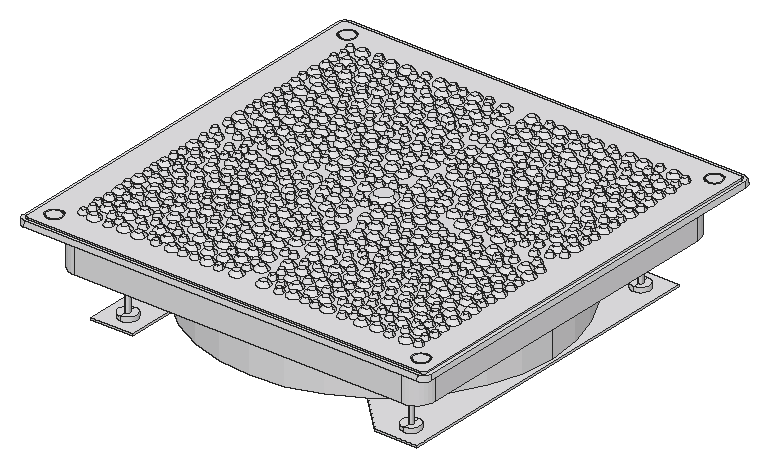
Revit family "Shower-Rainhead-KOHLER-REAL_RAIN-76728GL_1", category Plumbing Fixtures, host Face, Revit 2017 (continued)
Definition of nested family "76728GL"
  Lines and regions (in)
    symbolic lines, detail levels medium+fine
      curve 121: line (0.33722, 0, 4.64961) -> (0.36438, 0, 4.59362)
      curve 122: line (0.25022, 0, 4.64961) -> (0.30929, 0, 4.52784)
      curve 123: line (0.21938, 0, 4.64961) -> (0.14107, 0, 4.48819)
      curve 124: line (0, 0, 4.64818) -> (0.12935, 0, 4.48819)
      curve 125: line (0.17856, 0, 4.65) -> (0.08696, 0, 4.54062)
      curve 126: line (1.36734, 0, 4.64961) -> (1.44565, 0, 4.48819)
      curve 127: line (-8.1347, 0, 4.48819) -> (-7.9992, 0, 4.65)
      curve 128: line (-7.52972, 0, 4.48819) -> (-7.66521, 0, 4.65)
      curve 129: line (-7.65665, 0, 4.48819) -> (-7.73496, 0, 4.64961)
      curve 130: line (-7.9685, 0, 4.65) -> (-8.104, 0, 4.48819)
      curve 131: line (-7.50023, 0, 4.48819) -> (-7.42192, 0, 4.64961)
      curve 132: line (-7.13728, 0, 4.65) -> (-7.06203, 0, 4.49489)
      curve 133: line (-7.17354, 0, 4.48819) -> (-7.25185, 0, 4.64961)
      curve 134: line (-7.4933, 0, 4.65) -> (-7.55636, 0, 4.52001)
      curve 135: line (-7.25185, 0, 4.64961) -> (-7.17354, 0, 4.48819)
      curve 136: line (-7.56951, 0, 4.64961) -> (-7.6045, 0, 4.57749)
      curve 137: line (-7.37605, 0, 4.64961) -> (-7.45436, 0, 4.48819)
      curve 138: line (-7.18117, 0, 4.65) -> (-7.10267, 0, 4.48819)
      curve 139: line (-7.4494, 0, 4.65) -> (-7.55636, 0, 4.52001)
      curve 140: line (-6.98697, 0, 4.64961) -> (-7.06203, 0, 4.49489)
      curve 141: line (-7.13728, 0, 4.65) -> (-7.03594, 0, 4.54867)
      curve 142: line (-6.93549, 0, 4.65) -> (-6.8, 0, 4.48819)
      curve 143: line (-7.25185, 0, 4.64961) -> (-7.38467, 0, 4.48819)
      curve 144: line (-6.86112, 0, 4.64961) -> (-6.88828, 0, 4.59362)
      curve 145: line (-6.77413, 0, 4.64961) -> (-6.8332, 0, 4.52784)
      curve 146: line (-6.74328, 0, 4.64961) -> (-6.66497, 0, 4.48819)
      curve 147: line (-6.52244, 0, 4.65) -> (-6.65325, 0, 4.48819)
      curve 148: line (-6.43424, 0, 4.65) -> (-6.56506, 0, 4.48819)
      curve 149: line (-6.40956, 0, 4.64961) -> (-6.33703, 0, 4.5001)
      curve 150: line (-6.3012, 0, 4.64961) -> (-6.22289, 0, 4.48819)
      curve 151: line (-6.70246, 0, 4.65) -> (-6.61087, 0, 4.54062)
      curve 152: line (-6.20729, 0, 4.64961) -> (-6.07212, 0, 4.48819)
      curve 153: line (-6.20729, 0, 4.64961) -> (-6.25425, 0, 4.55282)
      curve 154: line (-6.32042, 0, 4.64961) -> (-6.36499, 0, 4.55774)
      curve 155: line (-6.08334, 0, 4.64961) -> (-6.01037, 0, 4.49919)
      curve 156: line (-5.95426, 0, 4.64961) -> (-6.0188, 0, 4.51657)
      curve 157: line (-5.91267, 0, 4.64961) -> (-5.99098, 0, 4.48819)
      curve 158: line (-5.74351, 0, 4.65) -> (-5.66501, 0, 4.48819)
      curve 159: line (-5.7778, 0, 4.64961) -> (-5.85611, 0, 4.48819)
      curve 160: line (-5.84758, 0, 4.64961) -> (-5.81269, 0, 4.57769)
      curve 161: line (-5.71718, 0, 4.64961) -> (-5.63887, 0, 4.48819)
      curve 162: line (-5.67559, 0, 4.64961) -> (-5.59728, 0, 4.48819)
      curve 163: line (-5.53092, 0, 4.64961) -> (-5.60325, 0, 4.5005)
      curve 164: line (-5.49442, 0, 4.65) -> (-5.35926, 0, 4.48819)
      curve 165: line (-5.22376, 0, 4.65) -> (-5.35926, 0, 4.48819)
      curve 166: line (-5.2024, 0, 4.64961) -> (-5.12409, 0, 4.48819)
      curve 167: line (-4.98241, 0, 4.65) -> (-5.11791, 0, 4.48819)
      curve 168: line (-4.98241, 0, 4.65) -> (-4.90391, 0, 4.48819)
      curve 169: line (-5.33493, 0, 4.64961) -> (-5.29427, 0, 4.5658)
      curve 170: line (-7.89125, 0, 4.64961) -> (-7.96956, 0, 4.48819)
      curve 171: line (-4.8989, 0, 4.48819) -> (-4.7634, 0, 4.65)
      curve 172: line (-4.29392, 0, 4.48819) -> (-4.42941, 0, 4.65)
      curve 173: line (-4.42085, 0, 4.48819) -> (-4.49916, 0, 4.64961)
      curve 174: line (-4.7327, 0, 4.65) -> (-4.8682, 0, 4.48819)
      curve 175: line (-4.26443, 0, 4.48819) -> (-4.18612, 0, 4.64961)
      curve 176: line (-3.90148, 0, 4.65) -> (-3.82623, 0, 4.49489)
      curve 177: line (-3.93774, 0, 4.48819) -> (-4.01605, 0, 4.64961)
      curve 178: line (-4.2575, 0, 4.65) -> (-4.32056, 0, 4.52001)
      curve 179: line (-4.01605, 0, 4.64961) -> (-3.93774, 0, 4.48819)
      curve 180: line (-4.33371, 0, 4.64961) -> (-4.3687, 0, 4.57749)
      curve 181: line (-4.14025, 0, 4.64961) -> (-4.21856, 0, 4.48819)
      curve 182: line (-3.94537, 0, 4.65) -> (-3.86687, 0, 4.48819)
      curve 183: line (-4.2136, 0, 4.65) -> (-4.32056, 0, 4.52001)
      curve 184: line (-3.75117, 0, 4.64961) -> (-3.82623, 0, 4.49489)
      curve 185: line (-3.90148, 0, 4.65) -> (-3.80014, 0, 4.54867)
      curve 186: line (-3.69969, 0, 4.65) -> (-3.5642, 0, 4.48819)
      curve 187: line (-4.01605, 0, 4.64961) -> (-4.14887, 0, 4.48819)
      curve 188: line (-3.62532, 0, 4.64961) -> (-3.65248, 0, 4.59362)
      curve 189: line (-3.53833, 0, 4.64961) -> (-3.5974, 0, 4.52784)
      curve 190: line (-3.50748, 0, 4.64961) -> (-3.42917, 0, 4.48819)
      curve 191: line (-3.28664, 0, 4.65) -> (-3.41745, 0, 4.48819)
      curve 192: line (-3.19844, 0, 4.65) -> (-3.32926, 0, 4.48819)
      curve 193: line (-3.17376, 0, 4.64961) -> (-3.09545, 0, 4.48819)
      curve 194: line (-3.0654, 0, 4.64961) -> (-2.98709, 0, 4.48819)
      curve 195: line (-3.46666, 0, 4.65) -> (-3.37507, 0, 4.54062)
      curve 196: line (-2.97149, 0, 4.64961) -> (-2.83632, 0, 4.48819)
      curve 197: line (-2.97149, 0, 4.64961) -> (-3.01845, 0, 4.55282)
      curve 198: line (-3.08462, 0, 4.64961) -> (-3.12919, 0, 4.55774)
      curve 199: line (-2.84754, 0, 4.64961) -> (-2.76923, 0, 4.48819)
      curve 200: line (-2.71846, 0, 4.64961) -> (-2.783, 0, 4.51657)
      curve 201: line (-2.67687, 0, 4.64961) -> (-2.75518, 0, 4.48819)
      curve 202: line (-2.50771, 0, 4.65) -> (-2.42921, 0, 4.48819)
      curve 203: line (-2.542, 0, 4.64961) -> (-2.62031, 0, 4.48819)
      curve 204: line (-2.61178, 0, 4.64961) -> (-2.57689, 0, 4.57769)
      curve 205: line (-2.48138, 0, 4.64961) -> (-2.40307, 0, 4.48819)
      curve 206: line (-2.43979, 0, 4.64961) -> (-2.36148, 0, 4.48819)
      curve 207: line (-2.29512, 0, 4.64961) -> (-2.36745, 0, 4.5005)
      curve 208: line (-2.25862, 0, 4.65) -> (-2.12346, 0, 4.48819)
      curve 209: line (-1.98796, 0, 4.65) -> (-2.12346, 0, 4.48819)
      curve 210: line (-1.9666, 0, 4.64961) -> (-1.88829, 0, 4.48819)
      curve 211: line (-1.74661, 0, 4.65) -> (-1.88211, 0, 4.48819)
      curve 212: line (-1.74661, 0, 4.65) -> (-1.66811, 0, 4.48819)
      curve 213: line (-2.09913, 0, 4.64961) -> (-2.05847, 0, 4.5658)
      curve 214: line (-4.65545, 0, 4.64961) -> (-4.73376, 0, 4.48819)
      curve 215: line (-1.61079, 0, 4.48819) -> (-1.4753, 0, 4.65)
      curve 216: line (-1.00581, 0, 4.48819) -> (-1.14131, 0, 4.65)
      curve 217: line (-1.13275, 0, 4.48819) -> (-1.21106, 0, 4.64961)
      curve 218: line (-1.4446, 0, 4.65) -> (-1.58009, 0, 4.48819)
      curve 219: line (-0.97633, 0, 4.48819) -> (-0.89802, 0, 4.64961)
      curve 220: line (-0.61337, 0, 4.65) -> (-0.53812, 0, 4.49489)
      curve 221: line (-0.64963, 0, 4.48819) -> (-0.72794, 0, 4.64961)
      curve 222: line (-0.96939, 0, 4.65) -> (-1.03246, 0, 4.52001)
      curve 223: line (-0.72794, 0, 4.64961) -> (-0.64963, 0, 4.48819)
      curve 224: line (-1.04561, 0, 4.64961) -> (-1.08059, 0, 4.57749)
      curve 225: line (-0.85215, 0, 4.64961) -> (-0.93046, 0, 4.48819)
      curve 226: line (-0.65726, 0, 4.65) -> (-0.57876, 0, 4.48819)
      curve 227: line (-0.9255, 0, 4.65) -> (-1.03246, 0, 4.52001)
      curve 228: line (-0.46307, 0, 4.64961) -> (-0.53812, 0, 4.49489)
      curve 229: line (-0.61337, 0, 4.65) -> (-0.51204, 0, 4.54867)
      curve 230: line (-0.41159, 0, 4.65) -> (-0.27609, 0, 4.48819)
      curve 231: line (-0.72794, 0, 4.64961) -> (-0.86076, 0, 4.48819)
      curve 232: line (-0.33722, 0, 4.64961) -> (-0.36438, 0, 4.59362)
      curve 233: line (-0.25022, 0, 4.64961) -> (-0.30929, 0, 4.52784)
      curve 234: line (-0.21938, 0, 4.64961) -> (-0.14107, 0, 4.48819)
      curve 235: line (0, 0, 4.64818) -> (-0.12935, 0, 4.48819)
      curve 236: line (-0.17856, 0, 4.65) -> (-0.08696, 0, 4.54062)
      curve 237: line (-1.36734, 0, 4.64961) -> (-1.44565, 0, 4.48819)
      curve 238: line (6.73422, 0, 1.48265) -> (6.54137, 0, 1.48265)
      curve 239: line (-7.87402, 0, 0.57811) -> (-6.73422, 0, 0.57811)
      curve 240: line (7.87402, 0, 0.57811) -> (6.73422, 0, 0.57811)
      curve 241: line (6.54137, 0, 0.57811) -> (-6.54137, 0, 0.57811)
      curve 242: line (-8.5515, 0, 2.38911) -> (8.5515, 0, 2.38911)
      curve 243: line (-9.58328, 0, 4.24674) -> (9.58328, 0, 4.24674)
      curve 244: line (0, 8.5515, 4.195) -> (0, -8.5515, 4.195)
      curve 245: line (0, -9.37099, 4.43) -> (0, 9.37099, 4.43)
      curve 246: line (0, 8.1347, 4.48819) -> (0, -8.1347, 4.48819)
      curve 247: line (0, -7.88189, 2.271) -> (0, 7.88189, 2.271)
      curve 248: line (0, -8.5515, 2.38911) -> (0, 8.5515, 2.38911)
      curve 249: line (0, 9.58402, 4.24146) -> (0, -9.58402, 4.24146)
      curve 250: line (0, -6.62401, 0.46) -> (0, -6.62401, 1.48521)
      curve 251: line (0, -6.81685, 0.46) -> (0, -6.81685, 1.48521)
      curve 252: line (0, -7.87402, 0.57811) -> (0, -6.81685, 0.57811)
      curve 253: line (0, -6.62401, 0.57811) -> (0, 6.62401, 0.57811)
      curve 254: line (0, -7.13873, 0.08695) -> (0, -6.30212, 0.08695)
      curve 255: line (0, 6.81685, 1.48521) -> (0, 7.64567, 1.48521)
      curve 256: arc (0, 7.87402, 1.66095) -> (0, 7.78974, 1.53423) -> (0, 7.64567, 1.48521) r 0.23622
      curve 257: line (0, 6.62401, 1.48521) -> (0, 5.79518, 1.48521)
      curve 258: line (0, 6.62401, 0.46) -> (0, 6.62401, 1.48521)
      curve 259: line (0, 6.81685, 0.46) -> (0, 6.81685, 1.48521)
      curve 260: line (0, 7.87402, 0.57811) -> (0, 6.81685, 0.57811)
      curve 261: line (0, 7.13873, 0.08695) -> (0, 6.30212, 0.08695)
      curve 262: line (0, 6.81685, 1.48521) -> (0, 6.62401, 1.48521)
      curve 263: line (0, -6.62401, 1.48521) -> (0, -6.81685, 1.48521)
      curve 264: line (0, 5.55896, 2.271) -> (0, 5.55896, 1.72143)
      curve 265: arc (0, 5.55896, 1.72143) -> (0, 5.62815, 1.5544) -> (0, 5.79518, 1.48521) r 0.23622
      curve 266: line (0, -6.81685, 1.48521) -> (0, -7.64567, 1.48521)
      curve 267: arc (0, -7.87402, 1.66095) -> (0, -7.78974, 1.53423) -> (0, -7.64567, 1.48521) r 0.23622
      curve 268: line (0, -6.62401, 1.48521) -> (0, -5.79518, 1.48521)
      curve 269: line (0, -5.55896, 2.271) -> (0, -5.55896, 1.72143)
      curve 270: arc (0, -5.55896, 1.72143) -> (0, -5.62815, 1.5544) -> (0, -5.79518, 1.48521) r 0.23622
      curve 271: line (5.36592, 0, 2.271) -> (5.36592, 0, 1.71887)
      curve 272: arc (5.60214, 0, 1.48265) -> (5.43511, 0, 1.55184) -> (5.36592, 0, 1.71887) r 0.23622
      curve 273: line (5.36592, 0, 1.71887) -> (7.90967, 0, 1.71887)
      curve 274: line (-6.73422, 0, 1.48265) -> (-7.67345, 0, 1.48265)
      curve 275: arc (-7.67345, 0, 1.48265) -> (-7.78817, 0, 1.51238) -> (-7.87402, 0, 1.59407) r 0.23622
      curve 276: line (-6.54137, 0, 1.48265) -> (-5.60214, 0, 1.48265)
      curve 277: line (-6.73422, 0, 1.48265) -> (-6.54137, 0, 1.48265)
      curve 278: line (-5.36592, 0, 2.271) -> (-5.36592, 0, 1.71887)
      curve 279: arc (-5.60214, 0, 1.48265) -> (-5.43511, 0, 1.55184) -> (-5.36592, 0, 1.71887) r 0.23622
      curve 280: line (-5.36592, 0, 1.71887) -> (-7.90967, 0, 1.71887)
      curve 281: line (7.96956, 0, 4.48819) -> (7.89106, 0, 4.65)
      curve 282: line (8.1347, 8.1347, 4.48819) -> (7.9992, 8.1347, 4.65)
      curve 283: line (7.52972, 8.1347, 4.48819) -> (7.66521, 8.1347, 4.65)
      curve 284: line (7.65665, 8.1347, 4.48819) -> (7.73515, 8.1347, 4.65)
      curve 285: line (7.9685, 8.1347, 4.65) -> (8.104, 8.1347, 4.48819)
      curve 286: line (7.50023, 8.1347, 4.48819) -> (7.42173, 8.1347, 4.65)
      curve 287: line (7.13728, 8.1347, 4.65) -> (7.05878, 8.1347, 4.48819)
      curve 288: line (7.17354, 8.1347, 4.48819) -> (7.25185, 8.1347, 4.64961)
      curve 289: line (7.4933, 8.1347, 4.65) -> (7.55636, 8.1347, 4.52001)
      curve 290: line (7.25185, 8.1347, 4.64961) -> (7.17354, 8.1347, 4.48819)
      curve 291: line (7.56932, 8.1347, 4.65) -> (7.6045, 8.1347, 4.57749)
      curve 292: line (7.37586, 8.1347, 4.65) -> (7.45436, 8.1347, 4.48819)
      curve 293: line (7.18117, 8.1347, 4.65) -> (7.10267, 8.1347, 4.48819)
      curve 294: line (7.4494, 8.1347, 4.65) -> (7.55636, 8.1347, 4.52001)
      curve 295: line (6.98678, 8.1347, 4.65) -> (7.06203, 8.1347, 4.49489)
      curve 296: line (7.13728, 8.1347, 4.65) -> (7.03594, 8.1347, 4.54867)
      curve 297: line (6.93549, 8.1347, 4.65) -> (6.8, 8.1347, 4.48819)
      curve 298: line (7.25185, 8.1347, 4.64961) -> (7.38467, 8.1347, 4.48819)
      curve 299: line (6.86093, 8.1347, 4.65) -> (6.88828, 8.1347, 4.59362)
      curve 300: line (6.77393, 8.1347, 4.65) -> (6.8332, 8.1347, 4.52784)
      curve 301: line (6.74347, 8.1347, 4.65) -> (6.66497, 8.1347, 4.48819)
      curve 302: line (6.52244, 8.1347, 4.65) -> (6.65325, 8.1347, 4.48819)
      curve 303: line (6.43424, 8.1347, 4.65) -> (6.56506, 8.1347, 4.48819)
      curve 304: line (6.40975, 8.1347, 4.65) -> (6.33125, 8.1347, 4.48819)
      curve 305: line (6.30139, 8.1347, 4.65) -> (6.22289, 8.1347, 4.48819)
      curve 306: line (6.70246, 8.1347, 4.65) -> (6.61087, 8.1347, 4.54062)
      curve 307: line (6.20729, 8.1347, 4.64961) -> (6.07212, 8.1347, 4.48819)
      curve 308: line (6.20729, 8.1347, 4.64961) -> (6.25425, 8.1347, 4.55282)
      curve 309: line (6.32023, 8.1347, 4.65) -> (6.36499, 8.1347, 4.55774)
      curve 310: line (6.08353, 8.1347, 4.65) -> (6.00503, 8.1347, 4.48819)
      curve 311: line (5.95407, 8.1347, 4.65) -> (6.0188, 8.1347, 4.51657)
      curve 312: line (5.91248, 8.1347, 4.65) -> (5.99098, 8.1347, 4.48819)
      curve 313: line (5.74351, 8.1347, 4.65) -> (5.66501, 8.1347, 4.48819)
      curve 314: line (5.77761, 8.1347, 4.65) -> (5.85611, 8.1347, 4.48819)
      curve 315: line (5.84777, 8.1347, 4.65) -> (5.81269, 8.1347, 4.57769)
      curve 316: line (5.71718, 8.1347, 4.64961) -> (5.63887, 8.1347, 4.48819)
      curve 317: line (5.67578, 8.1347, 4.65) -> (5.59728, 8.1347, 4.48819)
      curve 318: line (7.89125, 8.1347, 4.64961) -> (7.96956, 8.1347, 4.48819)
      curve 319: line (7.96956, 8.1347, 4.48819) -> (7.89106, 8.1347, 4.65)
      curve 320: line (0, 7.92035, 4.64961) -> (0, 7.99562, 4.48819)
      curve 321: line (0, 7.68327, 4.64961) -> (0, 7.608, 4.48819)
      curve 322: line (0, 7.67051, 4.62223) -> (0, 7.55803, 4.48819)
      curve 323: line (0, 7.53567, 4.48819) -> (0, 7.4604, 4.64961)
      curve 324: line (0, 7.22347, 4.64961) -> (0, 7.1482, 4.48819)
      curve 325: line (0, 7.09523, 4.48819) -> (0, 7.01977, 4.65)
      curve 326: line (0, 6.78868, 4.65) -> (0, 6.71322, 4.48819)
      curve 327: line (0, 6.63692, 4.48819) -> (0, 6.56165, 4.64961)
      curve 328: line (0, 6.44665, 4.65) -> (0, 6.55995, 4.48819)
      curve 329: line (0, 6.21043, 4.65) -> (0, 6.07466, 4.48819)
      curve 330: line (0, 6.0512, 4.64961) -> (0, 6.10796, 4.52788)
      curve 331: line (0, 5.85772, 4.65) -> (0, 6.01953, 4.48819)
      curve 332: line (0, 5.44606, 4.48819) -> (0, 5.58184, 4.65)
      curve 333: line (0, 5.51395, 4.56909) -> (0, 5.43344, 4.64961)
      curve 334: line (0, 5.26479, 4.65) -> (0, 5.34024, 4.48819)
      curve 335: line (0, 5.01834, 4.64961) -> (0, 4.91779, 4.48819)
      curve 336: line (0, 4.86659, 4.48819) -> (0, 4.70478, 4.65)
      curve 337: line (0, 4.45001, 4.65) -> (0, 4.2882, 4.48819)
      curve 338: line (0, 4.24741, 4.48819) -> (0, 4.17214, 4.64961)
      curve 339: line (0, 3.91774, 4.65) -> (0, 3.82597, 4.48819)
      curve 340: line (0, 3.80507, 4.48819) -> (0, 3.7298, 4.64961)
      curve 341: line (0, 3.48832, 4.64961) -> (0, 3.39678, 4.48819)
      curve 342: line (0, 3.35566, 4.48819) -> (0, 3.19385, 4.65)
      curve 343: line (0, 2.90555, 4.65) -> (0, 2.74373, 4.48819)
      curve 344: line (0, 2.71429, 4.64961) -> (0, 2.77498, 4.51944)
      curve 345: line (0, 2.56732, 4.64961) -> (0, 2.64259, 4.48819)
      curve 346: line (0, 2.26187, 4.48819) -> (0, 2.33024, 4.64961)
      curve 347: line (0, 2.1805, 4.48819) -> (0, 2.10504, 4.65)
      curve 348: line (0, 1.77126, 4.48819) -> (0, 1.8628, 4.64961)
      curve 349: line (0, 1.63864, 4.48819) -> (0, 1.47683, 4.65)
      curve 350: line (0, 1.07708, 4.48819) -> (0, 1.23889, 4.65)
      curve 351: line (0, 1.06449, 4.65) -> (0, 1.11995, 4.53107)
      curve 352: line (0, 0.91969, 4.48819) -> (0, 0.84442, 4.64961)
      curve 353: line (0, 0.59072, 4.64961) -> (0, 0.49918, 4.48819)
      curve 354: line (0, 0.47951, 4.64961) -> (0, 0.52969, 4.54199)
      curve 355: line (0, 0.24243, 4.64961) -> (0, 0.17406, 4.48819)
      curve 356: line (0, 0.18408, 4.51185) -> (0, 0.11966, 4.65)
      curve 357: line (0, -7.92035, 4.64961) -> (0, -7.99562, 4.48819)
      curve 358: line (0, -7.68327, 4.64961) -> (0, -7.608, 4.48819)
      curve 359: line (0, -7.67051, 4.62223) -> (0, -7.55803, 4.48819)
      curve 360: line (0, -7.53567, 4.48819) -> (0, -7.4604, 4.64961)
      curve 361: line (0, -7.22347, 4.64961) -> (0, -7.1482, 4.48819)
      curve 362: line (0, -7.09523, 4.48819) -> (0, -7.01977, 4.65)
      curve 363: line (0, -6.78868, 4.65) -> (0, -6.71322, 4.48819)
      curve 364: line (0, -6.63692, 4.48819) -> (0, -6.56165, 4.64961)
      curve 365: line (0, -6.44665, 4.65) -> (0, -6.55995, 4.48819)
      curve 366: line (0, -6.21043, 4.65) -> (0, -6.07466, 4.48819)
      curve 367: line (0, -6.0512, 4.64961) -> (0, -6.10796, 4.52788)
      curve 368: line (0, -5.85772, 4.65) -> (0, -6.01953, 4.48819)
      curve 369: line (0, -5.44606, 4.48819) -> (0, -5.58184, 4.65)
      curve 370: line (0, -5.51395, 4.56909) -> (0, -5.43344, 4.64961)
      curve 371: line (0, -5.26479, 4.65) -> (0, -5.34024, 4.48819)
      curve 372: line (0, -5.01834, 4.64961) -> (0, -4.91779, 4.48819)
      curve 373: line (0, -4.86659, 4.48819) -> (0, -4.70478, 4.65)
      curve 374: line (0, -4.45001, 4.65) -> (0, -4.2882, 4.48819)
      curve 375: line (0, -4.24741, 4.48819) -> (0, -4.17214, 4.64961)
      curve 376: line (0, -3.91774, 4.65) -> (0, -3.82597, 4.48819)
      curve 377: line (0, -3.80507, 4.48819) -> (0, -3.7298, 4.64961)
      curve 378: line (0, -3.48832, 4.64961) -> (0, -3.39678, 4.48819)
      curve 379: line (0, -3.35566, 4.48819) -> (0, -3.19385, 4.65)
      curve 380: line (0, -2.90555, 4.65) -> (0, -2.74373, 4.48819)
      curve 381: line (0, -2.71429, 4.64961) -> (0, -2.77498, 4.51944)
      curve 382: line (0, -2.56732, 4.64961) -> (0, -2.64259, 4.48819)
      curve 383: line (0, -2.26187, 4.48819) -> (0, -2.33024, 4.64961)
      curve 384: line (0, -2.1805, 4.48819) -> (0, -2.10504, 4.65)
      curve 385: line (0, -1.77126, 4.48819) -> (0, -1.8628, 4.64961)
      curve 386: line (0, -1.63864, 4.48819) -> (0, -1.47683, 4.65)
      curve 387: line (0, -1.07708, 4.48819) -> (0, -1.23889, 4.65)
      curve 388: line (0, -1.06449, 4.65) -> (0, -1.11995, 4.53107)
      curve 389: line (0, -0.91969, 4.48819) -> (0, -0.84442, 4.64961)
      curve 390: line (0, -0.59072, 4.64961) -> (0, -0.49918, 4.48819)
      curve 391: line (0, -0.47951, 4.64961) -> (0, -0.52969, 4.54199)
      curve 392: line (0, -0.24243, 4.64961) -> (0, -0.17406, 4.48819)
      curve 393: line (0, -0.18408, 4.51185) -> (0, -0.11966, 4.65)
      curve 394: arc (-7.97233, 7.80181, 0) -> (-7.85379, 7.68327, 0) -> (-7.73525, 7.80181, 0) r 0.11854
      curve 395: arc (-7.73525, 7.80181, 0) -> (-7.85379, 7.92035, 0) -> (-7.97233, 7.80181, 0) r 0.11854
      curve 396: arc (-8.05064, 7.80181, 0) -> (-7.85379, 7.99866, 0) -> (-7.65694, 7.80181, 0) r 0.19685
      curve 397: arc (-7.65694, 7.80181, 0) -> (-7.85379, 7.60496, 0) -> (-8.05064, 7.80181, 0) r 0.19685
      curve 398: arc (-7.57586, 7.34201, 0) -> (-7.77271, 7.14516, 0) -> (-7.96956, 7.34201, 0) r 0.19685
      curve 399: arc (-7.89125, 7.34201, 0) -> (-7.77271, 7.22347, 0) -> (-7.65417, 7.34201, 0) r 0.11854
      curve 400: arc (-7.65417, 7.34201, 0) -> (-7.77271, 7.46055, 0) -> (-7.89125, 7.34201, 0) r 0.11854
      curve 401: arc (-7.18117, 7.0114, 0) -> (-7.33724, 7.16746, 0) -> (-7.4933, 7.0114, 0) r 0.15606
      curve 402: arc (-7.6288, 7.0114, 0) -> (-7.33724, 7.30296, 0) -> (-7.04568, 7.0114, 0) r 0.29156
      curve 403: arc (-7.7732, 6.89778, 0) -> (-7.89174, 7.01632, 0) -> (-8.01028, 6.89778, 0) r 0.11854
      curve 404: arc (-8.01028, 6.89778, 0) -> (-7.89174, 6.77924, 0) -> (-7.7732, 6.89778, 0) r 0.11854
      curve 405: arc (-7.69489, 6.89778, 0) -> (-7.89174, 6.70093, 0) -> (-8.08859, 6.89778, 0) r 0.19685
      curve 406: arc (-8.08859, 6.89778, 0) -> (-7.89174, 7.09463, 0) -> (-7.69489, 6.89778, 0) r 0.19685
      curve 407: arc (-7.96956, 7.34201, 0) -> (-7.77271, 7.53886, 0) -> (-7.57586, 7.34201, 0) r 0.19685
      curve 408: arc (-7.06528, 7.33037, 0) -> (-6.86843, 7.52722, 0) -> (-6.67158, 7.33037, 0) r 0.19685
      curve 409: arc (-6.74989, 7.33037, 0) -> (-6.86843, 7.44891, 0) -> (-6.98697, 7.33037, 0) r 0.11854
      curve 410: arc (-6.98697, 7.33037, 0) -> (-6.86843, 7.21183, 0) -> (-6.74989, 7.33037, 0) r 0.11854
      curve 411: arc (-6.67158, 7.33037, 0) -> (-6.86843, 7.13352, 0) -> (-7.06528, 7.33037, 0) r 0.19685
      curve 412: arc (-7.4933, 7.0114, 0) -> (-7.33724, 6.85533, 0) -> (-7.18117, 7.0114, 0) r 0.15606
      curve 413: arc (-7.04568, 7.0114, 0) -> (-7.33724, 6.71984, 0) -> (-7.6288, 7.0114, 0) r 0.29156
      curve 414: arc (-7.67856, 6.32854, 0) -> (-7.79667, 6.44665, 0) -> (-7.91478, 6.32854, 0) r 0.11811
      curve 415: arc (-7.91478, 6.32854, 0) -> (-7.79667, 6.21043, 0) -> (-7.67856, 6.32854, 0) r 0.11811
      curve 416: arc (-8.03289, 6.32854, 0) -> (-7.79667, 6.56476, 0) -> (-7.56045, 6.32854, 0) r 0.23622
      curve 417: arc (-7.56045, 6.32854, 0) -> (-7.79667, 6.09232, 0) -> (-8.03289, 6.32854, 0) r 0.23622
      curve 418: arc (-7.13487, 6.43069, 0) -> (-7.25341, 6.54923, 0) -> (-7.37195, 6.43069, 0) r 0.11854
      curve 419: arc (-7.37195, 6.43069, 0) -> (-7.25341, 6.31215, 0) -> (-7.13487, 6.43069, 0) r 0.11854
      curve 420: arc (-7.05656, 6.43069, 0) -> (-7.25341, 6.23384, 0) -> (-7.45026, 6.43069, 0) r 0.19685
      curve 421: arc (-7.45026, 6.43069, 0) -> (-7.25341, 6.62754, 0) -> (-7.05656, 6.43069, 0) r 0.19685
      curve 422: arc (-7.00745, 6.71547, 0) -> (-6.88891, 6.59693, 0) -> (-6.77037, 6.71547, 0) r 0.11854
      curve 423: arc (-6.77037, 6.71547, 0) -> (-6.88891, 6.83401, 0) -> (-7.00745, 6.71547, 0) r 0.11854
      curve 424: arc (-7.08576, 6.71547, 0) -> (-6.88891, 6.91232, 0) -> (-6.69206, 6.71547, 0) r 0.19685
      curve 425: arc (-6.69206, 6.71547, 0) -> (-6.88891, 6.51862, 0) -> (-7.08576, 6.71547, 0) r 0.19685
      curve 426: arc (-6.5401, 6.94474, 0) -> (-6.38403, 6.78868, 0) -> (-6.22797, 6.94474, 0) r 0.15606
      curve 427: arc (-6.22797, 6.94474, 0) -> (-6.38403, 7.10081, 0) -> (-6.5401, 6.94474, 0) r 0.15606
      curve 428: arc (-6.67559, 6.94474, 0) -> (-6.38403, 7.2363, 0) -> (-6.09247, 6.94474, 0) r 0.29156
      curve 429: arc (-6.09247, 6.94474, 0) -> (-6.38403, 6.65318, 0) -> (-6.67559, 6.94474, 0) r 0.29156
      curve 430: arc (-7.4644, 7.84791, 0) -> (-7.30834, 7.69185, 0) -> (-7.15228, 7.84791, 0) r 0.15606
      curve 431: arc (-7.01678, 7.84791, 0) -> (-7.30834, 7.55635, 0) -> (-7.5999, 7.84791, 0) r 0.29156
      curve 432: arc (-6.25934, 7.49929, 0) -> (-6.37788, 7.61783, 0) -> (-6.49642, 7.49929, 0) r 0.11854
      curve 433: arc (-6.49642, 7.49929, 0) -> (-6.37788, 7.38075, 0) -> (-6.25934, 7.49929, 0) r 0.11854
      curve 434: arc (-6.57473, 7.49929, 0) -> (-6.37788, 7.69614, 0) -> (-6.18103, 7.49929, 0) r 0.19685
      curve 435: arc (-6.18103, 7.49929, 0) -> (-6.37788, 7.30244, 0) -> (-6.57473, 7.49929, 0) r 0.19685
      curve 436: arc (-5.95426, 6.95862, 0) -> (-5.83572, 6.84008, 0) -> (-5.71718, 6.95862, 0) r 0.11854
      curve 437: arc (-5.71718, 6.95862, 0) -> (-5.83572, 7.07716, 0) -> (-5.95426, 6.95862, 0) r 0.11854
      curve 438: arc (-5.63887, 6.95862, 0) -> (-5.83572, 6.76177, 0) -> (-6.03257, 6.95862, 0) r 0.19685
      curve 439: arc (-6.03257, 6.95862, 0) -> (-5.83572, 7.15547, 0) -> (-5.63887, 6.95862, 0) r 0.19685
      curve 440: arc (-6.69785, 7.92317, 0) -> (-6.57931, 7.80463, 0) -> (-6.46077, 7.92317, 0) r 0.11854
      curve 441: arc (-6.38246, 7.92317, 0) -> (-6.57931, 7.72632, 0) -> (-6.77616, 7.92317, 0) r 0.19685
      curve 442: arc (-6.46077, 7.92317, 0) -> (-6.57931, 8.04171, 0) -> (-6.69785, 7.92317, 0) r 0.11854
      curve 443: arc (-6.77616, 7.92317, 0) -> (-6.57931, 8.12002, 0) -> (-6.38246, 7.92317, 0) r 0.19685
      curve 444: arc (-5.06468, 7.84791, 0) -> (-5.22074, 8.00398, 0) -> (-5.37681, 7.84791, 0) r 0.15606
      curve 445: arc (-5.37681, 7.84791, 0) -> (-5.22074, 7.69185, 0) -> (-5.06468, 7.84791, 0) r 0.15606
      curve 446: arc (-5.5123, 7.84791, 0) -> (-5.22074, 8.13947, 0) -> (-4.92918, 7.84791, 0) r 0.29156
      curve 447: arc (-4.92918, 7.84791, 0) -> (-5.22074, 7.55635, 0) -> (-5.5123, 7.84791, 0) r 0.29156
      curve 448: arc (-6.07406, 7.79916, 0) -> (-5.91799, 7.64309, 0) -> (-5.76193, 7.79916, 0) r 0.15606
      curve 449: arc (-5.76193, 7.79916, 0) -> (-5.91799, 7.95522, 0) -> (-6.07406, 7.79916, 0) r 0.15606
      curve 450: arc (-6.20955, 7.79916, 0) -> (-5.91799, 8.09072, 0) -> (-5.62643, 7.79916, 0) r 0.29156
      curve 451: arc (-5.62643, 7.79916, 0) -> (-5.91799, 7.5076, 0) -> (-6.20955, 7.79916, 0) r 0.29156
      curve 452: arc (-7.15228, 7.84791, 0) -> (-7.30834, 8.00398, 0) -> (-7.4644, 7.84791, 0) r 0.15606
      curve 453: arc (-7.5999, 7.84791, 0) -> (-7.30834, 8.13947, 0) -> (-7.01678, 7.84791, 0) r 0.29156
      curve 454: arc (-5.33493, 7.3028, 0) -> (-5.45347, 7.42134, 0) -> (-5.57201, 7.3028, 0) r 0.11854
      curve 455: arc (-5.57201, 7.3028, 0) -> (-5.45347, 7.18426, 0) -> (-5.33493, 7.3028, 0) r 0.11854
      curve 456: arc (-5.25662, 7.3028, 0) -> (-5.45347, 7.10595, 0) -> (-5.65032, 7.3028, 0) r 0.19685
      curve 457: arc (-5.65032, 7.3028, 0) -> (-5.45347, 7.49965, 0) -> (-5.25662, 7.3028, 0) r 0.19685
      curve 458: arc (-5.9672, 6.37778, 0) -> (-6.12326, 6.53384, 0) -> (-6.27933, 6.37778, 0) r 0.15606
      curve 459: arc (-6.27933, 6.37778, 0) -> (-6.12326, 6.22171, 0) -> (-5.9672, 6.37778, 0) r 0.15606
      curve 460: arc (-6.41482, 6.37778, 0) -> (-6.12326, 6.66934, 0) -> (-5.8317, 6.37778, 0) r 0.29156
      curve 461: arc (-5.8317, 6.37778, 0) -> (-6.12326, 6.08622, 0) -> (-6.41482, 6.37778, 0) r 0.29156
      curve 462: arc (-6.59481, 6.20013, 0) -> (-6.75087, 6.3562, 0) -> (-6.90694, 6.20013, 0) r 0.15606
      curve 463: arc (-6.90694, 6.20013, 0) -> (-6.75087, 6.04407, 0) -> (-6.59481, 6.20013, 0) r 0.15606
      curve 464: arc (-6.45931, 6.20013, 0) -> (-6.75087, 5.90857, 0) -> (-7.04243, 6.20013, 0) r 0.29156
      curve 465: arc (-7.04243, 6.20013, 0) -> (-6.75087, 6.49169, 0) -> (-6.45931, 6.20013, 0) r 0.29156
      curve 466: arc (-7.42192, 5.93266, 0) -> (-7.30338, 5.81412, 0) -> (-7.18484, 5.93266, 0) r 0.11854
      curve 467: arc (-7.18484, 5.93266, 0) -> (-7.30338, 6.0512, 0) -> (-7.42192, 5.93266, 0) r 0.11854
      curve 468: arc (-7.50023, 5.93266, 0) -> (-7.30338, 6.12951, 0) -> (-7.10653, 5.93266, 0) r 0.19685
      curve 469: arc (-7.10653, 5.93266, 0) -> (-7.30338, 5.73581, 0) -> (-7.50023, 5.93266, 0) r 0.19685
      curve 470: arc (-7.65638, 5.70698, 0) -> (-7.81244, 5.86304, 0) -> (-7.9685, 5.70698, 0) r 0.15606
      curve 471: arc (-7.9685, 5.70698, 0) -> (-7.81244, 5.55092, 0) -> (-7.65638, 5.70698, 0) r 0.15606
      curve 472: arc (-8.104, 5.70698, 0) -> (-7.81244, 5.99854, 0) -> (-7.52088, 5.70698, 0) r 0.29156
      curve 473: arc (-7.52088, 5.70698, 0) -> (-7.81244, 5.41542, 0) -> (-8.104, 5.70698, 0) r 0.29156
      curve 474: arc (-7.79876, 5.13688, 0) -> (-7.9173, 5.25542, 0) -> (-8.03584, 5.13688, 0) r 0.11854
      curve 475: arc (-8.03584, 5.13688, 0) -> (-7.9173, 5.01834, 0) -> (-7.79876, 5.13688, 0) r 0.11854
      curve 476: arc (-8.11415, 5.13688, 0) -> (-7.9173, 5.33373, 0) -> (-7.72045, 5.13688, 0) r 0.19685
      curve 477: arc (-7.72045, 5.13688, 0) -> (-7.9173, 4.94003, 0) -> (-8.11415, 5.13688, 0) r 0.19685
      curve 478: arc (-7.18958, 5.26479, 0) -> (-7.34564, 5.42085, 0) -> (-7.50171, 5.26479, 0) r 0.15606
      curve 479: arc (-7.50171, 5.26479, 0) -> (-7.34564, 5.10873, 0) -> (-7.18958, 5.26479, 0) r 0.15606
      curve 480: arc (-7.6372, 5.26479, 0) -> (-7.34564, 5.55635, 0) -> (-7.05408, 5.26479, 0) r 0.29156
      curve 481: arc (-7.21591, 4.79899, 0) -> (-6.92435, 5.09055, 0) -> (-6.63279, 4.79899, 0) r 0.29156
      curve 482: arc (-7.05408, 5.26479, 0) -> (-7.34564, 4.97323, 0) -> (-7.6372, 5.26479, 0) r 0.29156
      curve 483: circle (-7.82128, 4.58149, 0) r 0.15606 normal (0, 0, 1)
      curve 484: circle (-7.82128, 4.58149, 0) r 0.29156 normal (0, 0, -1)
      curve 485: arc (-6.76828, 4.79899, 0) -> (-6.92435, 4.95505, 0) -> (-7.08041, 4.79899, 0) r 0.15606
      curve 486: arc (-7.08041, 4.79899, 0) -> (-6.92435, 4.64293, 0) -> (-6.76828, 4.79899, 0) r 0.15606
      curve 487: arc (-6.63279, 4.79899, 0) -> (-6.92435, 4.50743, 0) -> (-7.21591, 4.79899, 0) r 0.29156
      curve 488: arc (-7.0422, 5.66677, 0) -> (-6.92366, 5.54823, 0) -> (-6.80512, 5.66677, 0) r 0.11854
      curve 489: arc (-6.80512, 5.66677, 0) -> (-6.92366, 5.78531, 0) -> (-7.0422, 5.66677, 0) r 0.11854
      curve 490: arc (-6.72681, 5.66677, 0) -> (-6.92366, 5.46992, 0) -> (-7.12051, 5.66677, 0) r 0.19685
      curve 491: arc (-7.12051, 5.66677, 0) -> (-6.92366, 5.86362, 0) -> (-6.72681, 5.66677, 0) r 0.19685
      curve 492: arc (-6.12204, 5.64932, 0) -> (-6.2781, 5.80538, 0) -> (-6.43417, 5.64932, 0) r 0.15606
      curve 493: arc (-6.43417, 5.64932, 0) -> (-6.2781, 5.49326, 0) -> (-6.12204, 5.64932, 0) r 0.15606
      curve 494: arc (-6.56966, 5.64932, 0) -> (-6.2781, 5.94088, 0) -> (-5.98654, 5.64932, 0) r 0.29156
      curve 495: arc (-5.98654, 5.64932, 0) -> (-6.2781, 5.35776, 0) -> (-6.56966, 5.64932, 0) r 0.29156
      curve 496: arc (-6.53704, 5.25006, 0) -> (-6.65558, 5.3686, 0) -> (-6.77413, 5.25006, 0) r 0.11854
      curve 497: arc (-6.77413, 5.25006, 0) -> (-6.65558, 5.13152, 0) -> (-6.53704, 5.25006, 0) r 0.11854
      curve 498: arc (-6.85244, 5.25006, 0) -> (-6.65558, 5.44691, 0) -> (-6.45873, 5.25006, 0) r 0.19685
      curve 499: arc (-6.45873, 5.25006, 0) -> (-6.65558, 5.05321, 0) -> (-6.85244, 5.25006, 0) r 0.19685
      curve 500: arc (-5.74964, 5.25006, 0) -> (-5.86818, 5.3686, 0) -> (-5.98672, 5.25006, 0) r 0.11854
      curve 501: arc (-5.98672, 5.25006, 0) -> (-5.86818, 5.13152, 0) -> (-5.74964, 5.25006, 0) r 0.11854
      curve 502: arc (-6.06503, 5.25006, 0) -> (-5.86818, 5.44691, 0) -> (-5.67133, 5.25006, 0) r 0.19685
      curve 503: arc (-5.67133, 5.25006, 0) -> (-5.86818, 5.05321, 0) -> (-6.06503, 5.25006, 0) r 0.19685
      curve 504: arc (-6.12211, 4.86607, 0) -> (-6.27818, 5.02214, 0) -> (-6.43424, 4.86607, 0) r 0.15606
      curve 505: arc (-6.43424, 4.86607, 0) -> (-6.27818, 4.71001, 0) -> (-6.12211, 4.86607, 0) r 0.15606
      curve 506: arc (-5.98662, 4.86607, 0) -> (-6.27818, 4.57451, 0) -> (-6.56974, 4.86607, 0) r 0.29156
      curve 507: arc (-6.56974, 4.86607, 0) -> (-6.27818, 5.15763, 0) -> (-5.98662, 4.86607, 0) r 0.29156
      curve 508: arc (-4.61324, 7.65089, 0) -> (-4.73178, 7.76943, 0) -> (-4.85032, 7.65089, 0) r 0.11854
      curve 509: arc (-4.85032, 7.65089, 0) -> (-4.73178, 7.53235, 0) -> (-4.61324, 7.65089, 0) r 0.11854
      curve 510: arc (-4.53493, 7.65089, 0) -> (-4.73178, 7.45404, 0) -> (-4.92863, 7.65089, 0) r 0.19685
      curve 511: arc (-4.92863, 7.65089, 0) -> (-4.73178, 7.84774, 0) -> (-4.53493, 7.65089, 0) r 0.19685
      curve 512: arc (-5.17716, 6.74381, 0) -> (-5.2957, 6.86235, 0) -> (-5.41424, 6.74381, 0) r 0.11854
      curve 513: arc (-5.41424, 6.74381, 0) -> (-5.2957, 6.62527, 0) -> (-5.17716, 6.74381, 0) r 0.11854
      curve 514: arc (-5.09885, 6.74381, 0) -> (-5.2957, 6.54696, 0) -> (-5.49255, 6.74381, 0) r 0.19685
      curve 515: arc (-5.49255, 6.74381, 0) -> (-5.2957, 6.94066, 0) -> (-5.09885, 6.74381, 0) r 0.19685
      curve 516: arc (-4.24755, 7.90694, 0) -> (-4.36609, 8.02548, 0) -> (-4.48464, 7.90694, 0) r 0.11854
      curve 517: arc (-4.48464, 7.90694, 0) -> (-4.36609, 7.7884, 0) -> (-4.24755, 7.90694, 0) r 0.11854
      curve 518: arc (-4.16924, 7.90694, 0) -> (-4.36609, 7.71009, 0) -> (-4.56295, 7.90694, 0) r 0.19685
      curve 519: arc (-4.56295, 7.90694, 0) -> (-4.36609, 8.10379, 0) -> (-4.16924, 7.90694, 0) r 0.19685
      curve 520: arc (-2.98194, 7.90694, 0) -> (-3.10048, 8.02548, 0) -> (-3.21902, 7.90694, 0) r 0.11854
      curve 521: arc (-3.21902, 7.90694, 0) -> (-3.10048, 7.7884, 0) -> (-2.98194, 7.90694, 0) r 0.11854
      curve 522: arc (-2.90363, 7.90694, 0) -> (-3.10048, 7.71009, 0) -> (-3.29733, 7.90694, 0) r 0.19685
      curve 523: arc (-3.29733, 7.90694, 0) -> (-3.10048, 8.10379, 0) -> (-2.90363, 7.90694, 0) r 0.19685
      curve 524: arc (-3.61028, 7.08506, 0) -> (-3.72882, 7.2036, 0) -> (-3.84736, 7.08506, 0) r 0.11854
      curve 525: arc (-3.84736, 7.08506, 0) -> (-3.72882, 6.96652, 0) -> (-3.61028, 7.08506, 0) r 0.11854
      curve 526: arc (-3.53197, 7.08506, 0) -> (-3.72882, 6.88821, 0) -> (-3.92567, 7.08506, 0) r 0.19685
      curve 527: arc (-3.92567, 7.08506, 0) -> (-3.72882, 7.28191, 0) -> (-3.53197, 7.08506, 0) r 0.19685
      curve 528: arc (-2.47489, 7.84973, 0) -> (-2.59343, 7.96827, 0) -> (-2.71197, 7.84973, 0) r 0.11854
      curve 529: arc (-2.71197, 7.84973, 0) -> (-2.59343, 7.73118, 0) -> (-2.47489, 7.84973, 0) r 0.11854
      curve 530: arc (-2.39658, 7.84973, 0) -> (-2.59343, 7.65287, 0) -> (-2.79028, 7.84973, 0) r 0.19685
      curve 531: arc (-2.79028, 7.84973, 0) -> (-2.59343, 8.04658, 0) -> (-2.39658, 7.84973, 0) r 0.19685
      curve 532: arc (-2.64312, 6.80387, 0) -> (-2.76166, 6.92241, 0) -> (-2.8802, 6.80387, 0) r 0.11854
      curve 533: arc (-2.8802, 6.80387, 0) -> (-2.76166, 6.68533, 0) -> (-2.64312, 6.80387, 0) r 0.11854
      curve 534: arc (-2.56481, 6.80387, 0) -> (-2.76166, 6.60702, 0) -> (-2.95851, 6.80387, 0) r 0.19685
      curve 535: arc (-2.95851, 6.80387, 0) -> (-2.76166, 7.00072, 0) -> (-2.56481, 6.80387, 0) r 0.19685
      curve 536: arc (-4.09031, 6.80387, 0) -> (-4.20885, 6.92241, 0) -> (-4.32739, 6.80387, 0) r 0.11854
      curve 537: arc (-4.32739, 6.80387, 0) -> (-4.20885, 6.68533, 0) -> (-4.09031, 6.80387, 0) r 0.11854
      curve 538: arc (-4.012, 6.80387, 0) -> (-4.20885, 6.60702, 0) -> (-4.4057, 6.80387, 0) r 0.19685
      curve 539: arc (-4.4057, 6.80387, 0) -> (-4.20885, 7.00072, 0) -> (-4.012, 6.80387, 0) r 0.19685
      curve 540: arc (-4.54622, 6.52269, 0) -> (-4.66476, 6.64123, 0) -> (-4.7833, 6.52269, 0) r 0.11854
      curve 541: arc (-4.7833, 6.52269, 0) -> (-4.66476, 6.40415, 0) -> (-4.54622, 6.52269, 0) r 0.11854
      curve 542: arc (-4.46791, 6.52269, 0) -> (-4.66476, 6.32584, 0) -> (-4.86161, 6.52269, 0) r 0.19685
      curve 543: arc (-4.86161, 6.52269, 0) -> (-4.66476, 6.71954, 0) -> (-4.46791, 6.52269, 0) r 0.19685
      curve 544: arc (-5.42258, 6.27957, 0) -> (-5.54112, 6.39811, 0) -> (-5.65966, 6.27957, 0) r 0.11854
      curve 545: arc (-5.65966, 6.27957, 0) -> (-5.54112, 6.16103, 0) -> (-5.42258, 6.27957, 0) r 0.11854
      curve 546: arc (-5.34427, 6.27957, 0) -> (-5.54112, 6.08272, 0) -> (-5.73797, 6.27957, 0) r 0.19685
      curve 547: arc (-5.73797, 6.27957, 0) -> (-5.54112, 6.47642, 0) -> (-5.34427, 6.27957, 0) r 0.19685
      curve 548: arc (-5.54072, 5.78627, 0) -> (-5.65926, 5.90482, 0) -> (-5.7778, 5.78627, 0) r 0.11854
      curve 549: arc (-5.7778, 5.78627, 0) -> (-5.65926, 5.66773, 0) -> (-5.54072, 5.78627, 0) r 0.11854
      curve 550: arc (-5.46241, 5.78627, 0) -> (-5.65926, 5.58942, 0) -> (-5.85611, 5.78627, 0) r 0.19685
      curve 551: arc (-5.85611, 5.78627, 0) -> (-5.65926, 5.98313, 0) -> (-5.46241, 5.78627, 0) r 0.19685
      curve 552: arc (-4.26519, 6.02662, 0) -> (-4.38373, 6.14516, 0) -> (-4.50227, 6.02662, 0) r 0.11854
      curve 553: arc (-4.50227, 6.02662, 0) -> (-4.38373, 5.90808, 0) -> (-4.26519, 6.02662, 0) r 0.11854
      curve 554: arc (-4.18688, 6.02662, 0) -> (-4.38373, 5.82977, 0) -> (-4.58058, 6.02662, 0) r 0.19685
      curve 555: arc (-4.58058, 6.02662, 0) -> (-4.38373, 6.22347, 0) -> (-4.18688, 6.02662, 0) r 0.19685
      curve 556: arc (-4.53176, 5.39897, 0) -> (-4.6503, 5.51751, 0) -> (-4.76884, 5.39897, 0) r 0.11854
      curve 557: arc (-4.76884, 5.39897, 0) -> (-4.6503, 5.28043, 0) -> (-4.53176, 5.39897, 0) r 0.11854
      curve 558: arc (-4.45345, 5.39897, 0) -> (-4.6503, 5.20212, 0) -> (-4.84715, 5.39897, 0) r 0.19685
      curve 559: arc (-4.84715, 5.39897, 0) -> (-4.6503, 5.59582, 0) -> (-4.45345, 5.39897, 0) r 0.19685
      curve 560: arc (-4.01766, 5.51334, 0) -> (-4.1362, 5.63189, 0) -> (-4.25474, 5.51334, 0) r 0.11854
      curve 561: arc (-4.25474, 5.51334, 0) -> (-4.1362, 5.3948, 0) -> (-4.01766, 5.51334, 0) r 0.11854
      curve 562: arc (-3.93935, 5.51334, 0) -> (-4.1362, 5.31649, 0) -> (-4.33305, 5.51334, 0) r 0.19685
      curve 563: arc (-4.33305, 5.51334, 0) -> (-4.1362, 5.7102, 0) -> (-3.93935, 5.51334, 0) r 0.19685
      curve 564: arc (-3.66705, 5.08924, 0) -> (-3.78559, 5.20778, 0) -> (-3.90413, 5.08924, 0) r 0.11854
      curve 565: arc (-3.90413, 5.08924, 0) -> (-3.78559, 4.9707, 0) -> (-3.66705, 5.08924, 0) r 0.11854
      curve 566: arc (-3.58874, 5.08924, 0) -> (-3.78559, 4.89239, 0) -> (-3.98244, 5.08924, 0) r 0.19685
      curve 567: arc (-3.98244, 5.08924, 0) -> (-3.78559, 5.28609, 0) -> (-3.58874, 5.08924, 0) r 0.19685
      curve 568: arc (-5.53916, 4.78288, 0) -> (-5.6577, 4.90142, 0) -> (-5.77624, 4.78288, 0) r 0.11854
      curve 569: arc (-5.77624, 4.78288, 0) -> (-5.6577, 4.66434, 0) -> (-5.53916, 4.78288, 0) r 0.11854
      curve 570: arc (-5.46085, 4.78288, 0) -> (-5.6577, 4.58603, 0) -> (-5.85455, 4.78288, 0) r 0.19685
      curve 571: arc (-5.85455, 4.78288, 0) -> (-5.6577, 4.97973, 0) -> (-5.46085, 4.78288, 0) r 0.19685
      curve 572: arc (-3.09302, 6.01662, 0) -> (-3.21156, 6.13516, 0) -> (-3.3301, 6.01662, 0) r 0.11854
      curve 573: arc (-3.3301, 6.01662, 0) -> (-3.21156, 5.89808, 0) -> (-3.09302, 6.01662, 0) r 0.11854
      curve 574: arc (-3.01471, 6.01662, 0) -> (-3.21156, 5.81977, 0) -> (-3.40841, 6.01662, 0) r 0.19685
      curve 575: arc (-3.40841, 6.01662, 0) -> (-3.21156, 6.21347, 0) -> (-3.01471, 6.01662, 0) r 0.19685
      curve 576: arc (-2.27158, 5.87499, 0) -> (-2.39012, 5.99353, 0) -> (-2.50867, 5.87499, 0) r 0.11854
      curve 577: arc (-2.50867, 5.87499, 0) -> (-2.39012, 5.75644, 0) -> (-2.27158, 5.87499, 0) r 0.11854
      curve 578: arc (-2.19327, 5.87499, 0) -> (-2.39012, 5.67813, 0) -> (-2.58698, 5.87499, 0) r 0.19685
      curve 579: arc (-2.58698, 5.87499, 0) -> (-2.39012, 6.07184, 0) -> (-2.19327, 5.87499, 0) r 0.19685
      curve 580: arc (-2.37257, 5.01257, 0) -> (-2.49111, 5.13111, 0) -> (-2.60965, 5.01257, 0) r 0.11854
      curve 581: arc (-2.60965, 5.01257, 0) -> (-2.49111, 4.89403, 0) -> (-2.37257, 5.01257, 0) r 0.11854
      curve 582: arc (-2.29426, 5.01257, 0) -> (-2.49111, 4.81572, 0) -> (-2.68796, 5.01257, 0) r 0.19685
      curve 583: arc (-2.68796, 5.01257, 0) -> (-2.49111, 5.20942, 0) -> (-2.29426, 5.01257, 0) r 0.19685
      curve 584: arc (-1.23964, 5.59712, 0) -> (-1.35818, 5.71566, 0) -> (-1.47672, 5.59712, 0) r 0.11854
      curve 585: arc (-1.47672, 5.59712, 0) -> (-1.35818, 5.47858, 0) -> (-1.23964, 5.59712, 0) r 0.11854
      curve 586: arc (-1.16133, 5.59712, 0) -> (-1.35818, 5.40027, 0) -> (-1.55503, 5.59712, 0) r 0.19685
      curve 587: arc (-1.55503, 5.59712, 0) -> (-1.35818, 5.79397, 0) -> (-1.16133, 5.59712, 0) r 0.19685
      curve 588: arc (-0.74576, 5.70373, 0) -> (-0.8643, 5.82227, 0) -> (-0.98284, 5.70373, 0) r 0.11854
      curve 589: arc (-0.98284, 5.70373, 0) -> (-0.8643, 5.58519, 0) -> (-0.74576, 5.70373, 0) r 0.11854
      curve 590: arc (-0.66745, 5.70373, 0) -> (-0.8643, 5.50688, 0) -> (-1.06115, 5.70373, 0) r 0.19685
      curve 591: arc (-1.06115, 5.70373, 0) -> (-0.8643, 5.90058, 0) -> (-0.66745, 5.70373, 0) r 0.19685
      curve 592: arc (-2.65714, 6.17692, 0) -> (-2.77568, 6.29546, 0) -> (-2.89422, 6.17692, 0) r 0.11854
      curve 593: arc (-2.89422, 6.17692, 0) -> (-2.77568, 6.05838, 0) -> (-2.65714, 6.17692, 0) r 0.11854
      curve 594: arc (-2.57883, 6.17692, 0) -> (-2.77568, 5.98007, 0) -> (-2.97253, 6.17692, 0) r 0.19685
      curve 595: arc (-2.97253, 6.17692, 0) -> (-2.77568, 6.37377, 0) -> (-2.57883, 6.17692, 0) r 0.19685
      curve 596: arc (-1.66577, 6.68216, 0) -> (-1.78431, 6.8007, 0) -> (-1.90285, 6.68216, 0) r 0.11854
      curve 597: arc (-1.90285, 6.68216, 0) -> (-1.78431, 6.56362, 0) -> (-1.66577, 6.68216, 0) r 0.11854
      curve 598: arc (-1.58746, 6.68216, 0) -> (-1.78431, 6.48531, 0) -> (-1.98116, 6.68216, 0) r 0.19685
      curve 599: arc (-1.98116, 6.68216, 0) -> (-1.78431, 6.87901, 0) -> (-1.58746, 6.68216, 0) r 0.19685
      curve 600: arc (-0.47774, 6.74916, 0) -> (-0.59628, 6.8677, 0) -> (-0.71482, 6.74916, 0) r 0.11854
      curve 601: arc (-0.71482, 6.74916, 0) -> (-0.59628, 6.63062, 0) -> (-0.47774, 6.74916, 0) r 0.11854
      curve 602: arc (-0.39943, 6.74916, 0) -> (-0.59628, 6.55231, 0) -> (-0.79313, 6.74916, 0) r 0.19685
      curve 603: arc (-0.79313, 6.74916, 0) -> (-0.59628, 6.94601, 0) -> (-0.39943, 6.74916, 0) r 0.19685
      curve 604: arc (-0.47774, 7.28378, 0) -> (-0.59628, 7.40232, 0) -> (-0.71482, 7.28378, 0) r 0.11854
      curve 605: arc (-0.71482, 7.28378, 0) -> (-0.59628, 7.16524, 0) -> (-0.47774, 7.28378, 0) r 0.11854
      curve 606: arc (-0.39943, 7.28378, 0) -> (-0.59628, 7.08693, 0) -> (-0.79313, 7.28378, 0) r 0.19685
      curve 607: arc (-0.79313, 7.28378, 0) -> (-0.59628, 7.48063, 0) -> (-0.39943, 7.28378, 0) r 0.19685
      curve 608: arc (-1.05645, 7.49767, 0) -> (-1.17499, 7.61621, 0) -> (-1.29354, 7.49767, 0) r 0.11854
      curve 609: arc (-1.29354, 7.49767, 0) -> (-1.17499, 7.37913, 0) -> (-1.05645, 7.49767, 0) r 0.11854
      curve 610: arc (-0.97814, 7.49767, 0) -> (-1.17499, 7.30082, 0) -> (-1.37185, 7.49767, 0) r 0.19685
      curve 611: arc (-1.37185, 7.49767, 0) -> (-1.17499, 7.69452, 0) -> (-0.97814, 7.49767, 0) r 0.19685
      curve 612: arc (-1.2954, 7.91154, 0) -> (-1.41394, 8.03008, 0) -> (-1.53248, 7.91154, 0) r 0.11854
      curve 613: arc (-1.53248, 7.91154, 0) -> (-1.41394, 7.793, 0) -> (-1.2954, 7.91154, 0) r 0.11854
      curve 614: arc (-1.21709, 7.91154, 0) -> (-1.41394, 7.71469, 0) -> (-1.61079, 7.91154, 0) r 0.19685
      curve 615: arc (-1.61079, 7.91154, 0) -> (-1.41394, 8.10839, 0) -> (-1.21709, 7.91154, 0) r 0.19685
      curve 616: arc (-0.08935, 5.53954, 0) -> (-0.2079, 5.65808, 0) -> (-0.32644, 5.53954, 0) r 0.11854
      curve 617: arc (-0.32644, 5.53954, 0) -> (-0.2079, 5.421, 0) -> (-0.08935, 5.53954, 0) r 0.11854
      curve 618: arc (-0.01104, 5.53954, 0) -> (-0.2079, 5.34269, 0) -> (-0.40475, 5.53954, 0) r 0.19685
      curve 619: arc (-0.40475, 5.53954, 0) -> (-0.2079, 5.73639, 0) -> (-0.01104, 5.53954, 0) r 0.19685
      curve 620: arc (-0.20581, 4.14288, 0) -> (-0.32435, 4.26142, 0) -> (-0.44289, 4.14288, 0) r 0.11854
      curve 621: arc (-0.44289, 4.14288, 0) -> (-0.32435, 4.02434, 0) -> (-0.20581, 4.14288, 0) r 0.11854
      curve 622: arc (-0.1275, 4.14288, 0) -> (-0.32435, 3.94603, 0) -> (-0.5212, 4.14288, 0) r 0.19685
      curve 623: arc (-0.5212, 4.14288, 0) -> (-0.32435, 4.33973, 0) -> (-0.1275, 4.14288, 0) r 0.19685
      curve 624: arc (-0.65654, 4.05363, 0) -> (-0.77508, 4.17217, 0) -> (-0.89362, 4.05363, 0) r 0.11854
      curve 625: arc (-0.89362, 4.05363, 0) -> (-0.77508, 3.93509, 0) -> (-0.65654, 4.05363, 0) r 0.11854
      curve 626: arc (-0.57823, 4.05363, 0) -> (-0.77508, 3.85678, 0) -> (-0.97193, 4.05363, 0) r 0.19685
      curve 627: arc (-0.97193, 4.05363, 0) -> (-0.77508, 4.25048, 0) -> (-0.57823, 4.05363, 0) r 0.19685
      curve 628: arc (-1.56771, 4.23074, 0) -> (-1.68625, 4.34928, 0) -> (-1.80479, 4.23074, 0) r 0.11854
      curve 629: arc (-1.80479, 4.23074, 0) -> (-1.68625, 4.1122, 0) -> (-1.56771, 4.23074, 0) r 0.11854
      curve 630: arc (-1.4894, 4.23074, 0) -> (-1.68625, 4.03389, 0) -> (-1.8831, 4.23074, 0) r 0.19685
      curve 631: arc (-1.8831, 4.23074, 0) -> (-1.68625, 4.42759, 0) -> (-1.4894, 4.23074, 0) r 0.19685
      curve 632: arc (-1.98053, 3.85616, 0) -> (-2.09907, 3.9747, 0) -> (-2.21761, 3.85616, 0) r 0.11854
      curve 633: arc (-2.21761, 3.85616, 0) -> (-2.09907, 3.73762, 0) -> (-1.98053, 3.85616, 0) r 0.11854
      curve 634: arc (-1.90222, 3.85616, 0) -> (-2.09907, 3.65931, 0) -> (-2.29592, 3.85616, 0) r 0.19685
      curve 635: arc (-2.29592, 3.85616, 0) -> (-2.09907, 4.05301, 0) -> (-1.90222, 3.85616, 0) r 0.19685
      curve 636: circle (-2.46191, 4.23524, 0) r 0.11854 normal (0, 0, 1)
      curve 637: circle (-2.46191, 4.23524, 0) r 0.19685 normal (0, 0, -1)
      curve 638: circle (-2.87498, 4.37583, 0) r 0.11854 normal (0, 0, 1)
      curve 639: circle (-2.87498, 4.37583, 0) r 0.19685 normal (0, 0, -1)
      curve 640: circle (-2.7653, 3.76815, 0) r 0.11854 normal (0, 0, 1)
      curve 641: circle (-2.7653, 3.76815, 0) r 0.19685 normal (0, 0, -1)
      curve 642: circle (-0.86929, 3.59174, 0) r 0.11854 normal (0, 0, 1)
      curve 643: circle (-0.86929, 3.59174, 0) r 0.19685 normal (0, 0, -1)
      curve 644: circle (-3.85272, 3.97645, 0) r 0.11854 normal (0, 0, 1)
      curve 645: circle (-3.85272, 3.97645, 0) r 0.19685 normal (0, 0, -1)
      curve 646: circle (-3.78059, 3.38928, 0) r 0.11854 normal (0, 0, 1)
      curve 647: circle (-3.78059, 3.38928, 0) r 0.19685 normal (0, 0, -1)
      curve 648: circle (-4.24983, 3.38928, 0) r 0.11854 normal (0, 0, 1)
      curve 649: circle (-4.24983, 3.38928, 0) r 0.19685 normal (0, 0, -1)
      curve 650: circle (-2.59898, 3.27788, 0) r 0.11854 normal (0, 0, 1)
      curve 651: circle (-2.59898, 3.27788, 0) r 0.19685 normal (0, 0, -1)
      curve 652: circle (-5.09811, 3.96126, 0) r 0.11854 normal (0, 0, 1)
      curve 653: circle (-5.09811, 3.96126, 0) r 0.19685 normal (0, 0, -1)
      curve 654: circle (-4.69511, 2.8355, 0) r 0.11854 normal (0, 0, 1)
      curve 655: circle (-4.69511, 2.8355, 0) r 0.19685 normal (0, 0, -1)
      curve 656: circle (-3.5025, 2.79019, 0) r 0.11854 normal (0, 0, 1)
      curve 657: circle (-3.5025, 2.79019, 0) r 0.19685 normal (0, 0, -1)
      curve 658: circle (-5.79386, 2.63623, 0) r 0.11854 normal (0, 0, 1)
      curve 659: circle (-5.79386, 2.63623, 0) r 0.19685 normal (0, 0, -1)
      curve 660: circle (-5.31997, 2.57524, 0) r 0.11854 normal (0, 0, 1)
      curve 661: circle (-5.31997, 2.57524, 0) r 0.19685 normal (0, 0, -1)
      curve 662: circle (-5.96612, 3.35566, 0) r 0.11854 normal (0, 0, 1)
      curve 663: circle (-5.96612, 3.35566, 0) r 0.19685 normal (0, 0, -1)
      curve 664: circle (-6.47978, 3.74775, 0) r 0.11854 normal (0, 0, 1)
      curve 665: circle (-6.47978, 3.74775, 0) r 0.19685 normal (0, 0, -1)
      curve 666: circle (-3.16321, 2.43479, 0) r 0.11854 normal (0, 0, 1)
      curve 667: circle (-3.16321, 2.43479, 0) r 0.19685 normal (0, 0, -1)
      curve 668: circle (-4.2167, 2.20742, 0) r 0.11854 normal (0, 0, 1)
      curve 669: circle (-4.2167, 2.20742, 0) r 0.19685 normal (0, 0, -1)
      curve 670: circle (-2.65655, 2.14467, 0) r 0.11854 normal (0, 0, 1)
      curve 671: circle (-2.65655, 2.14467, 0) r 0.19685 normal (0, 0, -1)
      curve 672: circle (-2.22581, 2.66819, 0) r 0.11854 normal (0, 0, 1)
      curve 673: circle (-2.22581, 2.66819, 0) r 0.19685 normal (0, 0, -1)
      curve 674: circle (-3.59671, 4.5703, 0) r 0.11854 normal (0, 0, 1)
      curve 675: circle (-3.59671, 4.5703, 0) r 0.19685 normal (0, 0, -1)
      curve 676: circle (-4.14701, 4.36437, 0) r 0.11854 normal (0, 0, 1)
      curve 677: circle (-4.14701, 4.36437, 0) r 0.19685 normal (0, 0, -1)
      curve 678: circle (-4.84785, 4.29059, 0) r 0.11854 normal (0, 0, 1)
      curve 679: circle (-4.84785, 4.29059, 0) r 0.19685 normal (0, 0, -1)
      curve 680: circle (-5.43686, 4.364, 0) r 0.11854 normal (0, 0, 1)
      curve 681: circle (-5.43686, 4.364, 0) r 0.19685 normal (0, 0, -1)
      curve 682: circle (-6.74151, 4.187, 0) r 0.11854 normal (0, 0, 1)
      curve 683: circle (-6.74151, 4.187, 0) r 0.19685 normal (0, 0, -1)
      curve 684: circle (-7.82621, 4.03381, 0) r 0.11854 normal (0, 0, 1)
      curve 685: circle (-7.82621, 4.03381, 0) r 0.19685 normal (0, 0, -1)
      curve 686: circle (-7.88415, 3.62343, 0) r 0.11854 normal (0, 0, 1)
      curve 687: circle (-7.88415, 3.62343, 0) r 0.19685 normal (0, 0, -1)
      curve 688: circle (-7.36634, 3.62343, 0) r 0.11854 normal (0, 0, 1)
      curve 689: circle (-7.36634, 3.62343, 0) r 0.19685 normal (0, 0, -1)
      curve 690: circle (-7.25572, 2.99565, 0) r 0.11854 normal (0, 0, 1)
      curve 691: circle (-7.25572, 2.99565, 0) r 0.19685 normal (0, 0, -1)
      curve 692: circle (-7.9033, 2.44878, 0) r 0.11854 normal (0, 0, 1)
      curve 693: circle (-7.9033, 2.44878, 0) r 0.19685 normal (0, 0, -1)
      curve 694: circle (-7.44723, 2.56619, 0) r 0.11854 normal (0, 0, 1)
      curve 695: circle (-7.44723, 2.56619, 0) r 0.19685 normal (0, 0, -1)
      curve 696: circle (-6.86056, 2.65249, 0) r 0.11854 normal (0, 0, 1)
      curve 697: circle (-6.86056, 2.65249, 0) r 0.19685 normal (0, 0, -1)
      curve 698: circle (-7.8535, 1.97505, 0) r 0.11854 normal (0, 0, 1)
      curve 699: circle (-7.8535, 1.97505, 0) r 0.19685 normal (0, 0, -1)
      curve 700: circle (-7.42991, 1.75503, 0) r 0.11854 normal (0, 0, 1)
      curve 701: circle (-7.42991, 1.75503, 0) r 0.19685 normal (0, 0, -1)
      curve 702: circle (-6.52787, 1.81154, 0) r 0.11854 normal (0, 0, 1)
      curve 703: circle (-6.52787, 1.81154, 0) r 0.19685 normal (0, 0, -1)
      curve 704: circle (-6.41974, 1.2998, 0) r 0.11854 normal (0, 0, 1)
      curve 705: circle (-6.41974, 1.2998, 0) r 0.19685 normal (0, 0, -1)
      curve 706: circle (-5.41234, 1.32319, 0) r 0.11854 normal (0, 0, 1)
      curve 707: circle (-5.41234, 1.32319, 0) r 0.19685 normal (0, 0, -1)
      curve 708: circle (-4.99518, 1.45245, 0) r 0.11854 normal (0, 0, 1)
      curve 709: circle (-4.99518, 1.45245, 0) r 0.19685 normal (0, 0, -1)
      curve 710: circle (-5.08311, 1.90856, 0) r 0.11854 normal (0, 0, 1)
